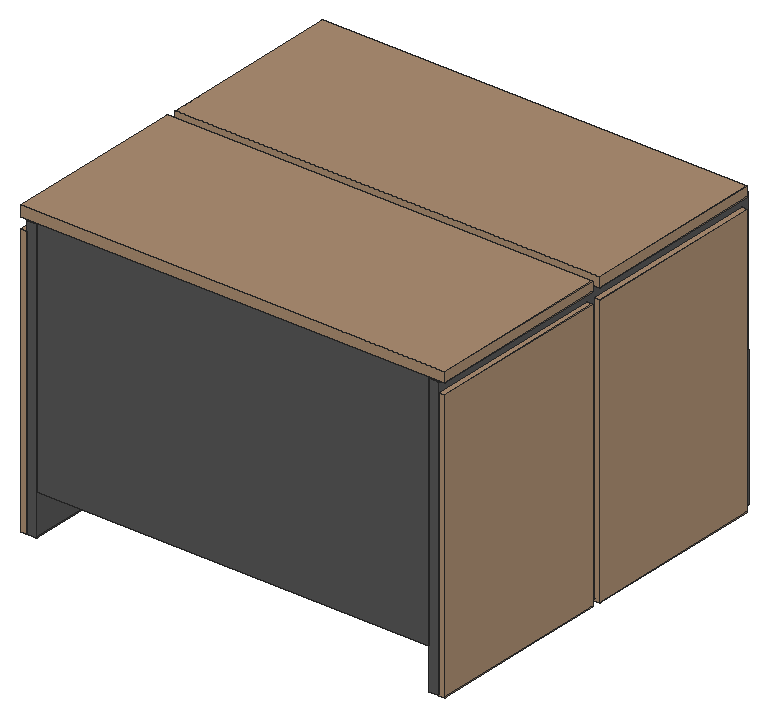
Revit family "Sanitary_Compound-Units_hansgrohe_54258XXX-Xilesa-E-Vanity-unit_680-470_2-drawer_wash-basin", category Furniture, host Face, Revit 2022
Family settings
  Host = Face
  OmniClass Number = 23.21.19.15.33.13
  OmniClass Title = Residential Bathroom Specialty Casework
  Cut with Voids When Loaded = No
  Render Appearance Source = Family Geometry
  Shared = No
  Room Calculation Point = No
Parameters (values of type "550 Cashmere Oak")
  Version = 1  # constant formula
  URL = "https://www.hansgrohe.com/"
  Product data url = "https://www.bimobject.com/en/hansgrohe/product/54258XXX"
  Product Page URL = "https://www.hansgrohe.com/articledetail--54258550"
  Model = "54258XXX"  # constant formula
  Material 3 = Hansgrohe - Metal - Black
  Material 2 = Hansgrohe - MDF - Matt Black
  Material 1 = Hansgrohe - MDF - 550 Cashmere Oak
  Manufacturer = "Hansgrohe"  # constant formula
  Height = 0 mm
  Description = "Xilesa E Vanity unit 680/470 with 2 drawers for wash basin"  # constant formula
  Default Elevation = 0 mm
  Date Updated = ""
  Date Created = "2024/02/03"  # constant formula
Types (5, lengths in mm): name | Material 1
  (no name) | Hansgrohe - MDF - 550 Cashmere Oak
  550 Cashmere Oak | Hansgrohe - MDF - 550 Cashmere Oak
  700 Matt White | Hansgrohe - MDF - 700 Matt White
  760 Slate Matt Grey | Hansgrohe - MDF - 760 Slate Matt Grey
  780 Sand Matt Beige | Hansgrohe - MDF - 780 Sand Matt Beige
Reference planes
  plane 1 "Center (Front/Back)": y = 0
  plane 2: z = 0
  plane 3 "Center (Left/Right)": x = 0
  plane 4: x = -340
  plane 5: x = 340
  plane 6: y = -620
  plane 7: z = 468
Dimensions and locks
  aligned and locked: plane 2 to host face
  aligned and locked: level to host face
Nested families
  nested 1: "54258XXX" at (0, -620, 0) x (1, 0, 0) z (0, 1, 0), Material 1 <- "Material 1", Material 2 <- "Material 2", Material 3 <- "Material 3", type "54258XXX"
    with Material 3 Hansgrohe - Metal - Black, Material 2 Hansgrohe - MDF - Matt Black, Material 1 Hansgrohe - MDF - 550 Cashmere Oak
Definition of nested family "54258XXX"
  Parameters (values of type "54258XXX")
    Version = 1  # constant formula
    URL = "https://www.hansgrohe.com/"
    Product data url = "https://www.bimobject.com/en/hansgrohe/product/54258XXX"
    Product Page URL = "https://www.hansgrohe.com/articledetail--54258550"
    Model = "54258XXX"  # constant formula
    Material 3 [instance] = none
    Material 2 [instance] = none
    Material 1 [instance] = none
    Manufacturer = "Hansgrohe"  # constant formula
    Description = "Xilesa E Vanity unit 680/470 with 2 drawers for wash basin"  # constant formula
    Default Elevation = 1219.2 mm
    Date Updated = ""
    Date Created = "2024/12/16"  # constant formula
  Reference planes
    plane 1 "Center (Front/Back)": y = 0
    plane 2: z = 0
    plane 3 "Center (Left/Right)": x = 0
  Forms (mm)
    Extrusion 1, solid, material <- "Material 1", detail levels medium+fine
      sketch origin (0, 0, 0) x (1, 0, 0) y (0, 1, 0)
        loop
          line (-330.6, 0) -> (-339.2, 0)
          arc (-339.2, 0) -> (-339.766, -0.234) -> (-340, -0.8) r 0.8
          line (-340, -0.8) -> (-340, -433.9)
          arc (-340, -433.9) -> (-339.766, -434.466) -> (-339.2, -434.7) r 0.8
          line (-339.2, -434.7) -> (-330.6, -434.7)
          arc (-330.6, -434.7) -> (-330.034, -434.466) -> (-329.8, -433.9) r 0.8
          line (-329.8, -433.9) -> (-329.8, -0.8)
          arc (-329.8, -0.8) -> (-330.034, -0.234) -> (-330.6, 0) r 0.8
        loop
          arc (330.6, 0) -> (330.034, -0.234) -> (329.8, -0.8) r 0.8
          line (329.8, -0.8) -> (329.8, -433.9)
          arc (329.8, -433.9) -> (330.034, -434.466) -> (330.6, -434.7) r 0.8
          line (330.6, -434.7) -> (339.2, -434.7)
          arc (339.2, -434.7) -> (339.766, -434.466) -> (340, -433.9) r 0.8
          line (340, -433.9) -> (340, -0.8)
          arc (340, -0.8) -> (339.766, -0.234) -> (339.2, 0) r 0.8
          line (339.2, 0) -> (330.6, 0)
      from 0 to 295
    Extrusion 2, solid, material <- "Material 1", detail levels medium+fine
      sketch origin (0, -90, 0) x (1, 0, 0) y (0, 1, 0)
        loop
          line (-339.2, -378) -> (339.2, -378)
          arc (339.2, -378) -> (339.766, -377.766) -> (340, -377.2) r 0.8
          line (340, -377.2) -> (340, -362.5)
          arc (340, -362.5) -> (339.766, -361.934) -> (339.2, -361.7) r 0.8
          line (339.2, -361.7) -> (-339.2, -361.7)
          arc (-339.2, -361.7) -> (-339.766, -361.934) -> (-340, -362.5) r 0.8
          line (-340, -362.5) -> (-340, -377.2)
          arc (-340, -377.2) -> (-339.766, -377.766) -> (-339.2, -378) r 0.8
      from 0 to 295
    Extrusion 3, solid, material <- "Material 2", detail levels medium+fine
      sketch origin (0, 0, 0) x (1, 0, 0) y (0, 1, 0)
        loop
          line (-329.8, -0.8) -> (-329.8, -448.9)
          arc (-329.8, -448.9) -> (-329.566, -449.466) -> (-329, -449.7) r 0.8
          line (-329, -449.7) -> (-314.6, -449.7)
          arc (-314.6, -449.7) -> (-314.034, -449.466) -> (-313.8, -448.9) r 0.8
          line (-313.8, -448.9) -> (-313.8, -0.8)
          arc (-313.8, -0.8) -> (-314.034, -0.234) -> (-314.6, 0) r 0.8
          line (-314.6, 0) -> (-329, 0)
          arc (-329, 0) -> (-329.566, -0.234) -> (-329.8, -0.8) r 0.8
        loop
          arc (329.8, -0.8) -> (329.566, -0.234) -> (329, 0) r 0.8
          line (329, 0) -> (314.6, 0)
          arc (314.6, 0) -> (314.034, -0.234) -> (313.8, -0.8) r 0.8
          line (313.8, -0.8) -> (313.8, -448.9)
          arc (313.8, -448.9) -> (314.034, -449.466) -> (314.6, -449.7) r 0.8
          line (314.6, -449.7) -> (329, -449.7)
          arc (329, -449.7) -> (329.566, -449.466) -> (329.8, -448.9) r 0.8
          line (329.8, -448.9) -> (329.8, -0.8)
      from 0 to 620
    Extrusion 4, solid, material <- "Material 2", detail levels fine
      sketch origin (0, 0, 0) x (1, 0, 0) y (0, 1, 0)
        loop
          line (-313.8, -65.2) -> (-313.8, -81.2) -> (313.8, -81.2) -> (313.8, -65.2) -> (-313.8, -65.2)
      from 17 to 125
    Extrusion 5, solid, material <- "Material 2", detail levels fine
      sketch origin (0, 0, 0) x (1, 0, 0) y (0, 1, 0)
        loop
          line (-313.8, -64.7) -> (-313.8, -451.7) -> (313.8, -451.7) -> (313.8, -64.7) -> (-313.8, -64.7)
      from 1 to 17
    Extrusion 6, solid, material <- "Material 3", detail levels fine
      sketch origin (0, -90, 0) x (1, 0, 0) y (0, 1, 0)
        loop
          line (-312.3, -356.9) -> (-312.3, -329.2) -> (-313.8, -329.2) -> (-313.8, -356.9)
          arc (-313.8, -356.9) -> (-313.126, -358.527) -> (-311.5, -359.2) r 2.3
          line (-311.5, -359.2) -> (311.5, -359.2)
          arc (311.5, -359.2) -> (313.126, -358.527) -> (313.8, -356.9) r 2.3
          line (313.8, -356.9) -> (313.8, -329.2) -> (312.3, -329.2) -> (312.3, -356.9)
          arc (312.3, -356.9) -> (312.066, -357.466) -> (311.5, -357.7) r 0.8
          line (311.5, -357.7) -> (-311.5, -357.7)
          arc (-311.5, -357.7) -> (-312.066, -357.466) -> (-312.3, -356.9) r 0.8
      from 569.5 to 619.5
    Extrusion 7, solid, material <- "Material 3", detail levels fine
      sketch origin (100, 0, 1) x (1, 0, 0) y (0, 0, 1)
        loop
          line (198.3, 213.03) -> (198.3, 231.03) -> (183.3, 231.03) -> (183.3, 224.03) -> (192.95, 224.03) -> (192.95, 213.03) -> (198.3, 213.03)
      from 88.7 to 361.7
    Extrusion 8, solid, material <- "Material 3", detail levels fine
      sketch origin (100, 0, 1) x (1, 0, 0) y (0, 0, 1)
        loop
          line (200.05, 211.28) -> (200.05, 232.78) -> (181.55, 232.78) -> (181.55, 211.28) -> (200.05, 211.28)
      from 451.7 to 361.7
    Extrusion 9, solid, material <- "Material 3", detail levels fine
      sketch origin (0, 0, 1) x (1, 0, 0) y (0, 0, 1)
        loop
          line (-292.5, 223.8) -> (-292.5, 113.608) -> (-298.2, 97.947) -> (-298.2, 48) -> (-269.9, 48) -> (-269.9, 223.8) -> (-292.5, 223.8)
        loop
          line (292.5, 223.8) -> (269.9, 223.8) -> (269.9, 48) -> (298.2, 48) -> (298.2, 97.947) -> (292.5, 113.608) -> (292.5, 223.8)
      from 91.9 to 109.4
    Extrusion 10, void
      sketch origin (0, 0, 1) x (1, 0, 0) y (0, 0, 1)
        loop
          line (-291.5, 222.8) -> (-291.5, 113.431) -> (-297.2, 97.771) -> (-297.2, 49) -> (-270.9, 49) -> (-270.9, 222.8) -> (-291.5, 222.8)
        loop
          line (291.5, 222.8) -> (270.9, 222.8) -> (270.9, 49) -> (297.2, 49) -> (297.2, 97.771) -> (291.5, 113.431) -> (291.5, 222.8)
      from 91.9 to 108.7
    Extrusion 11, solid, material <- "Material 2", detail levels fine
      sketch origin (0, 0, 0) x (0, 1, 0) y (0, 0, 1)
        loop
          line (-92.7, 35.48) -> (-92.7, 114.5)
          arc (-92.7, 114.5) -> (-92.847, 114.854) -> (-93.2, 115) r 0.5
          line (-93.2, 115) -> (-108.2, 115)
          arc (-108.2, 115) -> (-108.554, 114.854) -> (-108.7, 114.5) r 0.5
          line (-108.7, 114.5) -> (-108.7, 35.48)
          arc (-108.7, 35.48) -> (-108.554, 35.126) -> (-108.2, 34.98) r 0.5
          line (-108.2, 34.98) -> (-93.2, 34.98)
          arc (-93.2, 34.98) -> (-92.847, 35.126) -> (-92.7, 35.48) r 0.5
      from -270 to 270
    Extrusion 12, solid, material <- "Material 3", detail levels fine
      sketch origin (-100, 0, 1) x (-1, 0, 0) y (0, 0, -1)
        loop
          line (198.3, -213.03) -> (192.95, -213.03) -> (192.95, -224.03) -> (183.3, -224.03) -> (183.3, -231.03) -> (198.3, -231.03) -> (198.3, -213.03)
      from 88.7 to 361.7
    Extrusion 13, solid, material <- "Material 3", detail levels fine
      sketch origin (-100, 0, 1) x (-1, 0, 0) y (0, 0, -1)
        loop
          line (200.05, -211.28) -> (181.55, -211.28) -> (181.55, -232.78) -> (200.05, -232.78) -> (200.05, -211.28)
      from 451.7 to 361.7
    Extrusion 14, solid, material <- "Material 1", detail levels coarse
      sketch origin (0, 0, 0) x (1, 0, 0) y (0, 1, 0)
        loop
          line (-340, -468) -> (340, -468) -> (340, 0) -> (313.8, 0) -> (313.8, -451.7) -> (-313.8, -451.7) -> (-313.8, 0) -> (-340, 0) -> (-340, -468)
      from 0 to 620
    Extrusion 15, solid, material <- "Material 1", detail levels medium+fine
      sketch origin (0, 0, 0) x (1, 0, 0) y (0, 1, 0)
        loop
          line (-330.6, 0) -> (-339.2, 0)
          arc (-339.2, 0) -> (-339.766, -0.234) -> (-340, -0.8) r 0.8
          line (-340, -0.8) -> (-340, -433.9)
          arc (-340, -433.9) -> (-339.766, -434.466) -> (-339.2, -434.7) r 0.8
          line (-339.2, -434.7) -> (-330.6, -434.7)
          arc (-330.6, -434.7) -> (-330.034, -434.466) -> (-329.8, -433.9) r 0.8
          line (-329.8, -433.9) -> (-329.8, -0.8)
          arc (-329.8, -0.8) -> (-330.034, -0.234) -> (-330.6, 0) r 0.8
        loop
          arc (330.6, 0) -> (330.034, -0.234) -> (329.8, -0.8) r 0.8
          line (329.8, -0.8) -> (329.8, -433.9)
          arc (329.8, -433.9) -> (330.034, -434.466) -> (330.6, -434.7) r 0.8
          line (330.6, -434.7) -> (339.2, -434.7)
          arc (339.2, -434.7) -> (339.766, -434.466) -> (340, -433.9) r 0.8
          line (340, -433.9) -> (340, -0.8)
          arc (340, -0.8) -> (339.766, -0.234) -> (339.2, 0) r 0.8
          line (339.2, 0) -> (330.6, 0)
      from 310 to 605
    Extrusion 16, solid, material <- "Material 1", detail levels medium+fine
      sketch origin (0, -90, 0) x (1, 0, 0) y (0, 1, 0)
        loop
          line (-339.2, -378) -> (339.2, -378)
          arc (339.2, -378) -> (339.766, -377.766) -> (340, -377.2) r 0.8
          line (340, -377.2) -> (340, -362.5)
          arc (340, -362.5) -> (339.766, -361.934) -> (339.2, -361.7) r 0.8
          line (339.2, -361.7) -> (-339.2, -361.7)
          arc (-339.2, -361.7) -> (-339.766, -361.934) -> (-340, -362.5) r 0.8
          line (-340, -362.5) -> (-340, -377.2)
          arc (-340, -377.2) -> (-339.766, -377.766) -> (-339.2, -378) r 0.8
      from 310 to 605
    Extrusion 17, solid, material <- "Material 2", detail levels fine
      sketch origin (0, 0, 311) x (1, 0, 0) y (0, 0, 1)
        loop
          line (-272.898, 33.98) -> (272.898, 33.98) -> (272.898, 48.98) -> (-272.898, 48.98) -> (-272.898, 33.98)
      from 109.4 to 451.7
    Extrusion 18, solid, material <- "Material 3", detail levels fine
      sketch origin (100, 0, 311) x (1, 0, 0) y (0, 0, 1)
        loop
          line (198.3, 213.03) -> (198.3, 231.03) -> (183.3, 231.03) -> (183.3, 224.03) -> (192.95, 224.03) -> (192.95, 213.03) -> (198.3, 213.03)
      from 88.7 to 361.7
    Extrusion 19, solid, material <- "Material 3", detail levels fine
      sketch origin (100, 0, 311) x (1, 0, 0) y (0, 0, 1)
        loop
          line (200.05, 211.28) -> (200.05, 232.78) -> (181.55, 232.78) -> (181.55, 211.28) -> (200.05, 211.28)
      from 451.7 to 361.7
    Extrusion 20, solid, material <- "Material 3", detail levels fine
      sketch origin (0, 0, 311) x (1, 0, 0) y (0, 0, 1)
        loop
          line (-292.5, 223.8) -> (-292.5, 113.608) -> (-298.2, 97.947) -> (-298.2, 48) -> (-269.9, 48) -> (-269.9, 223.8) -> (-292.5, 223.8)
        loop
          line (292.5, 223.8) -> (269.9, 223.8) -> (269.9, 48) -> (298.2, 48) -> (298.2, 97.947) -> (292.5, 113.608) -> (292.5, 223.8)
      from 91.9 to 109.4
    Extrusion 21, void
      sketch origin (0, 0, 311) x (1, 0, 0) y (0, 0, 1)
        loop
          line (-291.5, 222.8) -> (-291.5, 113.431) -> (-297.2, 97.771) -> (-297.2, 49) -> (-270.9, 49) -> (-270.9, 222.8) -> (-291.5, 222.8)
        loop
          line (291.5, 222.8) -> (270.9, 222.8) -> (270.9, 49) -> (297.2, 49) -> (297.2, 97.771) -> (291.5, 113.431) -> (291.5, 222.8)
      from 91.9 to 108.7
    Extrusion 22, solid, material <- "Material 3", detail levels fine
      sketch origin (-100, 0, 311) x (-1, 0, 0) y (0, 0, -1)
        loop
          line (198.3, -213.03) -> (192.95, -213.03) -> (192.95, -224.03) -> (183.3, -224.03) -> (183.3, -231.03) -> (198.3, -231.03) -> (198.3, -213.03)
      from 88.7 to 361.7
    Extrusion 23, solid, material <- "Material 3", detail levels fine
      sketch origin (-100, 0, 311) x (-1, 0, 0) y (0, 0, -1)
        loop
          line (200.05, -211.28) -> (181.55, -211.28) -> (181.55, -232.78) -> (200.05, -232.78) -> (200.05, -211.28)
      from 451.7 to 361.7
    Extrusion 24, solid, material <- "Material 3", detail levels fine
      sketch origin (0, -90, 0) x (1, 0, 0) y (0, 1, 0)
        loop
          line (-312.3, -356.9) -> (-312.3, -329.2) -> (-313.8, -329.2) -> (-313.8, -356.9)
          arc (-313.8, -356.9) -> (-313.126, -358.527) -> (-311.5, -359.2) r 2.3
          line (-311.5, -359.2) -> (311.5, -359.2)
          arc (311.5, -359.2) -> (313.126, -358.527) -> (313.8, -356.9) r 2.3
          line (313.8, -356.9) -> (313.8, -329.2) -> (312.3, -329.2) -> (312.3, -356.9)
          arc (312.3, -356.9) -> (312.066, -357.466) -> (311.5, -357.7) r 0.8
          line (311.5, -357.7) -> (-311.5, -357.7)
          arc (-311.5, -357.7) -> (-312.066, -357.466) -> (-312.3, -356.9) r 0.8
      from 277 to 327
    Extrusion 25, solid, material <- "Material 2", detail levels fine
      sketch origin (0, 0, 1) x (1, 0, 0) y (0, 0, 1)
        loop
          line (-272.898, 33.98) -> (272.898, 33.98) -> (272.898, 48.98) -> (-272.898, 48.98) -> (-272.898, 33.98)
      from 109.4 to 451.7
    Extrusion 26, solid, material <- "Material 2", detail levels fine
      sketch origin (0, 0, 310) x (0, 1, 0) y (0, 0, 1)
        loop
          line (-92.7, 35.48) -> (-92.7, 114.5)
          arc (-92.7, 114.5) -> (-92.847, 114.854) -> (-93.2, 115) r 0.5
          line (-93.2, 115) -> (-108.2, 115)
          arc (-108.2, 115) -> (-108.554, 114.854) -> (-108.7, 114.5) r 0.5
          line (-108.7, 114.5) -> (-108.7, 35.48)
          arc (-108.7, 35.48) -> (-108.554, 35.127) -> (-108.2, 34.98) r 0.5
          line (-108.2, 34.98) -> (-93.2, 34.98)
          arc (-93.2, 34.98) -> (-92.847, 35.127) -> (-92.7, 35.48) r 0.5
      from -270 to 270
    Extrusion 27, solid, material <- "Material 3", detail levels fine
      sketch origin (0, 0, 311) x (1, 0, 0) y (0, 0, 1)
        loop
          line (302.091, 33.98) -> (302.091, 115.48) -> (283.591, 115.48) -> (282.786, 100.114) -> (280.22, 99.98) -> (277.791, 53.623)
          arc (277.791, 53.623) -> (276.271, 50.325) -> (272.898, 48.98) r 4.9
          line (272.898, 48.98) -> (272.898, 33.98) -> (302.091, 33.98)
        loop
          line (-302.091, 33.98) -> (-272.898, 33.98) -> (-272.898, 48.98)
          arc (-272.898, 48.98) -> (-276.271, 50.325) -> (-277.791, 53.623) r 4.9
          line (-277.791, 53.623) -> (-280.22, 99.98) -> (-282.786, 100.114) -> (-283.591, 115.48) -> (-302.091, 115.48) -> (-302.091, 33.98)
      from 109.4 to 451.7
    Extrusion 28, solid, material <- "Material 3", detail levels fine
      sketch origin (0, 0, 1) x (1, 0, 0) y (0, 0, 1)
        loop
          line (302.091, 33.98) -> (302.091, 115.48) -> (283.591, 115.48) -> (282.786, 100.114) -> (280.22, 99.98) -> (277.791, 53.623)
          arc (277.791, 53.623) -> (276.271, 50.325) -> (272.898, 48.98) r 4.9
          line (272.898, 48.98) -> (272.898, 33.98) -> (302.091, 33.98)
        loop
          line (-302.091, 33.98) -> (-272.898, 33.98) -> (-272.898, 48.98)
          arc (-272.898, 48.98) -> (-276.271, 50.325) -> (-277.791, 53.623) r 4.9
          line (-277.791, 53.623) -> (-280.22, 99.98) -> (-282.786, 100.114) -> (-283.591, 115.48) -> (-302.091, 115.48) -> (-302.091, 33.98)
      from 109.4 to 451.7
  Cuts and joins
    Extrusion 10 cuts Extrusion 9
    Extrusion 21 cuts Extrusion 20
  Lines and regions (mm)
    Masking region 1
      outline origin (0, 0, 0) x (1, 0, 0) y (0, 1, 0)
        loop
          line (-340, -0.8) -> (-340, -433.9)
          arc (-340, -433.9) -> (-339.766, -434.466) -> (-339.2, -434.7) r 0.8
          line (-339.2, -434.7) -> (-330.6, -434.7)
          arc (-330.6, -434.7) -> (-330.034, -434.466) -> (-329.8, -433.9) r 0.8
          line (-329.8, -433.9) -> (-329.8, -451.7) -> (-339.2, -451.7)
          arc (-339.2, -451.7) -> (-339.766, -451.934) -> (-340, -452.5) r 0.8
          line (-340, -452.5) -> (-340, -467.2)
          arc (-340, -467.2) -> (-339.766, -467.766) -> (-339.2, -468) r 0.8
          line (-339.2, -468) -> (0, -468) -> (339.2, -468)
          arc (339.2, -468) -> (339.766, -467.766) -> (340, -467.2) r 0.8
          line (340, -467.2) -> (340, -452.5)
          arc (340, -452.5) -> (339.766, -451.934) -> (339.2, -451.7) r 0.8
          line (339.2, -451.7) -> (329.8, -451.7) -> (329.8, -433.9)
          arc (329.8, -433.9) -> (330.034, -434.466) -> (330.6, -434.7) r 0.8
          line (330.6, -434.7) -> (339.2, -434.7)
          arc (339.2, -434.7) -> (339.766, -434.466) -> (340, -433.9) r 0.8
          line (340, -433.9) -> (340, -0.8)
          arc (340, -0.8) -> (339.766, -0.234) -> (339.2, 0) r 0.8
          line (339.2, 0) -> (330.6, 0)
          arc (330.6, 0) -> (330.034, -0.234) -> (329.8, -0.8) r 0.8
          arc (329.8, -0.8) -> (329.566, -0.234) -> (329, 0) r 0.8
          line (329, 0) -> (314.6, 0)
          arc (314.6, 0) -> (314.034, -0.234) -> (313.8, -0.8) r 0.8
          line (313.8, -0.8) -> (313.8, -64.7) -> (0, -64.7) -> (-313.8, -64.7) -> (-313.8, -0.8)
          arc (-313.8, -0.8) -> (-314.034, -0.234) -> (-314.6, 0) r 0.8
          line (-314.6, 0) -> (-329, 0)
          arc (-329, 0) -> (-329.566, -0.234) -> (-329.8, -0.8) r 0.8
          arc (-329.8, -0.8) -> (-330.034, -0.234) -> (-330.6, 0) r 0.8
          line (-330.6, 0) -> (-339.2, 0)
          arc (-339.2, 0) -> (-339.766, -0.234) -> (-340, -0.8) r 0.8
    Masking region 2
      outline origin (0, 0, 0) x (0, 1, 0) y (0, 0, 1)
        loop
          line (-449.7, 620) -> (-449.7, 543.78) -> (-451.7, 543.78) -> (-451.7, 605) -> (-468, 605) -> (-468, 310) -> (-451.7, 310) -> (-451.7, 344.98) -> (-449.7, 344.98) -> (-449.7, 233.78) -> (-451.7, 233.78) -> (-451.7, 295) -> (-468, 295) -> (-468, 0) -> (-451.7, 0) -> (-451.7, 34.98) -> (-449.7, 34.98) -> (-449.7, 0) -> (0, 0) -> (0, 620) -> (-449.7, 620)
    Masking region 3
      outline origin (0, 0, 0) x (1, 0, 0) y (0, 0, 1)
        loop
          line (-340, 605) -> (-340, 310) -> (-329.8, 310) -> (-329.8, 295) -> (-340, 295) -> (-340, 0) -> (0, 0) -> (340, 0) -> (340, 295) -> (329.8, 295) -> (329.8, 310) -> (340, 310) -> (340, 605) -> (329.8, 605) -> (329.8, 620) -> (0, 620) -> (-329.8, 620) -> (-329.8, 605) -> (-340, 605)
    symbolic lines, detail levels medium+fine
      curve 1: line (-329.8, -451.7, 0) -> (0, -451.7, 0)
      curve 2: line (-313.8, -64.7, 0) -> (-313.8, -451.7, 0)
      curve 3: line (-329.8, -0.8, 0) -> (-329.8, -433.9, 0)
      curve 4: line (-313.8, -81.2, 0) -> (0, -81.2, 0)
      curve 25: line (329.8, -451.7, 0) -> (0, -451.7, 0)
      curve 26: line (313.8, -64.7, 0) -> (313.8, -451.7, 0)
      curve 27: line (329.8, -0.8, 0) -> (329.8, -433.9, 0)
      curve 28: line (313.8, -81.2, 0) -> (0, -81.2, 0)
      curve 49: line (0, -451.7, 33.98) -> (0, -451.7, 233.78)
      curve 50: line (0, -449.7, 543.78) -> (0, -449.7, 344.98)
      curve 53: line (0, -451.7, 212.28) -> (0, -449.7, 212.28)
      curve 54: line (0, -451.7, 116.48) -> (0, -449.7, 116.48)
      curve 55: line (-329.8, 0, 605) -> (329.8, 0, 605)
      curve 56: line (-313.8, 0, 620) -> (-313.8, 0, 605)
      curve 57: line (313.8, 0, 620) -> (313.8, 0, 605)
      curve 62: line (0, -451.7, 344.98) -> (0, -451.7, 543.78)
      curve 63: line (0, -449.7, 233.78) -> (0, -449.7, 33.98)
      curve 65: line (-329.8, 0, 310) -> (329.8, 0, 310)
      curve 66: line (329.8, 0, 295) -> (-329.8, 0, 295)
    symbolic lines, detail levels fine
      curve 5: line (-302.091, -81.2, 0) -> (-302.091, -447.7, 0)
      curve 6: line (-280.22, -81.2, 0) -> (-280.22, -91.9, 0)
      curve 7: line (0, -91.9, 0) -> (-283.3, -91.9, 0)
      curve 8: line (-283.3, -109.4, 0) -> (0, -109.4, 0)
      curve 9: line (-298.3, -88.7, 0) -> (-298.3, -361.7, 0)
      curve 10: line (-283.3, -88.7, 0) -> (-298.3, -88.7, 0)
      curve 11: line (-300.05, -361.7, 0) -> (-300.05, -447.7, 0)
      curve 12: line (-300.05, -361.7, 0) -> (-281.55, -361.7, 0)
      curve 13: line (-281.55, -361.7, 0) -> (-281.55, -447.7, 0)
      curve 14: line (0, -447.7, 0) -> (-311.5, -447.7, 0)
      curve 15: arc (-311.5, -447.7, 0) -> (-312.066, -447.466, 0) -> (-312.3, -446.9, 0) r 0.8
      curve 16: line (-312.3, -446.9, 0) -> (-312.3, -419.2, 0)
      curve 17: line (-312.3, -419.2, 0) -> (-313.8, -419.2, 0)
      curve 18: arc (-313.8, -446.9, 0) -> (-313.126, -448.527, 0) -> (-311.5, -449.2, 0) r 2.3
      curve 19: line (-311.5, -449.2, 0) -> (0, -449.2, 0)
      curve 20: line (-302.091, -449.2, 0) -> (-302.091, -451.7, 0)
      curve 21: line (-300.05, -449.2, 0) -> (-300.05, -451.7, 0)
      curve 22: line (-283.3, -361.7, 0) -> (-283.3, -88.7, 0)
      curve 23: line (-281.55, -449.2, 0) -> (-281.55, -451.7, 0)
      curve 24: line (-280.22, -449.2, 0) -> (-280.22, -451.7, 0)
      curve 29: line (302.091, -81.2, 0) -> (302.091, -447.7, 0)
      curve 30: line (280.22, -81.2, 0) -> (280.22, -91.9, 0)
      curve 31: line (0, -91.9, 0) -> (283.3, -91.9, 0)
      curve 32: line (283.3, -109.4, 0) -> (0, -109.4, 0)
      curve 33: line (298.3, -88.7, 0) -> (298.3, -361.7, 0)
      curve 34: line (283.3, -88.7, 0) -> (298.3, -88.7, 0)
      curve 35: line (300.05, -361.7, 0) -> (300.05, -447.7, 0)
      curve 36: line (300.05, -361.7, 0) -> (281.55, -361.7, 0)
      curve 37: line (281.55, -361.7, 0) -> (281.55, -447.7, 0)
      curve 38: line (0, -447.7, 0) -> (311.5, -447.7, 0)
      curve 39: arc (311.5, -447.7, 0) -> (312.066, -447.466, 0) -> (312.3, -446.9, 0) r 0.8
      curve 40: line (312.3, -446.9, 0) -> (312.3, -419.2, 0)
      curve 41: line (312.3, -419.2, 0) -> (313.8, -419.2, 0)
      curve 42: arc (313.8, -446.9, 0) -> (313.126, -448.527, 0) -> (311.5, -449.2, 0) r 2.3
      curve 43: line (311.5, -449.2, 0) -> (0, -449.2, 0)
      curve 44: line (302.091, -449.2, 0) -> (302.091, -451.7, 0)
      curve 45: line (300.05, -449.2, 0) -> (300.05, -451.7, 0)
      curve 46: line (283.3, -361.7, 0) -> (283.3, -88.7, 0)
      curve 47: line (281.55, -449.2, 0) -> (281.55, -451.7, 0)
      curve 48: line (280.22, -449.2, 0) -> (280.22, -451.7, 0)
      curve 51: line (0, 0, 605) -> (0, -434.7, 605)
      curve 52: line (0, -434.7, 605) -> (0, -434.7, 310)
      curve 58: line (0, -434.7, 310) -> (0, 0, 310)
      curve 59: line (0, 0, 295) -> (0, -434.7, 295)
      curve 60: line (0, -434.7, 295) -> (0, -434.7, 0)
      curve 61: line (0, -451.7, 522.28) -> (0, -449.7, 522.28)
      curve 64: line (0, -449.7, 426.5) -> (0, -451.7, 426.5)
      curve 67: line (280.22, -109.4, 0) -> (280.22, -447.7, 0)
      curve 68: line (-280.22, -109.4, 0) -> (-280.22, -447.7, 0)
  Dimensions and locks
    aligned and locked: level to plane 2
    aligned and locked: Extrusion 18 to Extrusion 19
